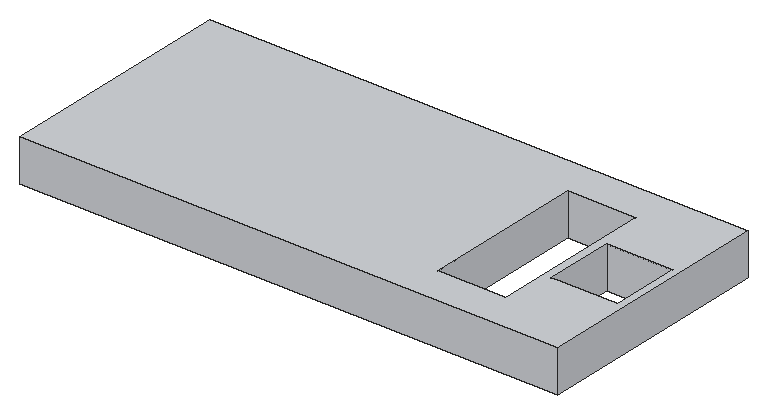
Revit family "G805-002 CAB36", category Mechanical Equipment, Revit 2012
Parameters (values of type "3 TON")
  URL = "http://desert-aire.com/"
  Type Comments = "NON PACKAGED"
  RC Return Radius = 0' - 0 1/4"
  RC Discharge Radius = 0' - 0 5/16"
  Outdoor Unit = yes
  Model = "G805-002"
  Manufacturer = "DESERT AIRE"
  Description = ""
  Curb Height = 0' - 8"
  Cost = 0
Types (3): name | RC Return Radius | RC Discharge Radius
  (no name) | 0' - 0 1/4" | 0' - 0 5/16"
  2 TON | 0' - 0 3/16" | 0' - 0 1/4"
  3 TON | 0' - 0 1/4" | 0' - 0 5/16"
Reference planes (in)
  plane 1: y = 0
  plane 2: z = 0
  plane 3: x = 0
  plane 4: z = 8
  plane 5: z = 55.14473
  plane 6: z = 27.82515
Forms (in)
  Extrusion 1, solid
    sketch origin (0, 0, 0) x (1, 0, 0) y (0, 1, 0)
      loop
        line (-47.56801, 22.81936) -> (-47.56801, -22.68064) -> (55.18199, -22.68064) -> (55.18199, 22.81936) -> (-47.56801, 22.81936)
      loop
        line (26.54795, -15.55301) -> (39.57937, -15.55301) -> (39.57937, 15.48635) -> (26.54795, 15.48635) -> (26.54795, -15.55301)
      loop
        line (53.87197, -6.68231) -> (53.87197, 6.61983) -> (41.14382, 6.61983) -> (41.14382, -6.68231) -> (53.87197, -6.68231)
    from 0 to 8
Dimensions and locks (in)
  "Curb Height": plane 4 to plane 2
  locked: plane 5 to plane 4 at 47.14473
  locked: plane 5 to plane 6 at 27.31958
  aligned and locked: plane 4 to Extrusion 1
  aligned and locked: import instance to plane 5
  aligned and locked: import instance to import instance
  aligned and locked: plane 6 to import instance
Automatic sketch dimensions
  plane 1 to Extrusion 1 sketch curve = 1' - 10.68064"
  Extrusion 1 sketch curve to plane 3 = 3' - 11.56801"
  plane 3 to Extrusion 1 sketch curve = 2' - 2.54795"
  Extrusion 1 sketch curve to Extrusion 1 sketch curve = 1' - 1.03142"
  Extrusion 1 sketch curve to Extrusion 1 sketch curve = 0' - 1.56444"
  Extrusion 1 sketch curve to Extrusion 1 sketch curve = 1' - 0.72815"
  Extrusion 1 sketch curve to Extrusion 1 sketch curve = 0' - 1.31002"
  plane 1 to Extrusion 1 sketch curve = 1' - 3.55301"
  Extrusion 1 sketch curve to Extrusion 1 sketch curve = 0' - 8.8707"
  Extrusion 1 sketch curve to plane 1 = 0' - 6.61983"
  Extrusion 1 sketch curve to plane 1 = 1' - 3.48635"
  Extrusion 1 sketch curve to plane 1 = 1' - 10.81936"
Connectors (in)
  electrical at (56.57437, -20.06049, 49.66242)
    settings: on import instance, index 1, voltage 0 V, apparent load 0 VA, apparent load phase1 0 VA, apparent load phase2 0 VA, apparent load phase3 0 VA, power factor 1, load classification "Other", number of poles 1, system type 31, power factor state 1, is connector primary yes, connector utility no, sub classification motor no, connector description "OPTIONAL DISCONNECT LOCATION"
  piping at (14.59039, -24.56, 10.30154)
    settings: on import instance, index 2, connector radius 1/2", flow factor 0, pipe flow 0 GPM, pressure drop 0.00 psi, fitting loss kfactor 0, connector angle 0.00°, fixture units 0, engagement length 0' - 0", flow configuration 0, flow direction 0, fitting loss method 0, system type 22, joint type 0, gender type 0, connector reference index -1, connector utility 0, adjustable connector no, is connector primary yes, fitting loss table "", connector description "LEFT SIDE CONDENSATE"
  piping at (14.59039, -24.56, 13.55154), driven by "RC Discharge Radius"
    settings: on import instance, index 3, connector radius 5/16", flow factor 0, pipe flow 0 GPM, pressure drop 0.00 psi, fitting loss kfactor 0, connector angle 0.00°, fixture units 0, engagement length 0' - 0", flow configuration 0, flow direction 0, fitting loss method 0, system type 7, joint type 0, gender type 0, connector reference index -1, connector utility 0, adjustable connector no, is connector primary no, fitting loss table "", connector description "LEFT SIDE RC DISCHARGE CONNECTION LOCATION"
  piping at (14.59039, -24.56, 15.80154), driven by "RC Return Radius"
    settings: on import instance, index 4, connector radius 1/4", flow factor 0, pipe flow 0 GPM, pressure drop 0.00 psi, fitting loss kfactor 0, connector angle 0.00°, fixture units 0, engagement length 0' - 0", flow configuration 0, flow direction 0, fitting loss method 0, system type 8, joint type 0, gender type 0, connector reference index -1, connector utility 0, adjustable connector no, is connector primary no, fitting loss table "", connector description "LEFT SIDE RC RETURN CONNECTION LOCATION"
  piping at (14.59039, -24.56, 21.80154)
    settings: on import instance, index 5, connector radius 7/16", flow factor 0, pipe flow 0 GPM, pressure drop 0.00 psi, fitting loss kfactor 0, connector angle 0.00°, fixture units 0, engagement length 0' - 0", flow configuration 0, flow direction 0, fitting loss method 0, system type 20, joint type 0, gender type 0, connector reference index -1, connector utility 0, adjustable connector no, is connector primary no, fitting loss table "", connector description "LEFT SIDE WATER INLET CONNECTION LOCATION"
  piping at (14.59039, -24.56, 24.55154)
    settings: on import instance, index 6, connector radius 7/16", flow factor 0, pipe flow 0 GPM, pressure drop 0.00 psi, fitting loss kfactor 0, connector angle 0.00°, fixture units 0, engagement length 0' - 0", flow configuration 0, flow direction 0, fitting loss method 0, system type 20, joint type 0, gender type 0, connector reference index -1, connector utility 0, adjustable connector no, is connector primary no, fitting loss table "", connector description "LEFT SIDE WATER OUTLET CONNECTION LOCATION"
  piping at (4.15454, 0.13787, 0)
    settings: on Extrusion 1, index 7, connector radius 1/2", flow factor 0, pipe flow 0 GPM, pressure drop 0.00 psi, fitting loss kfactor 0, connector angle 0.00°, fixture units 0, engagement length 0' - 0", flow configuration 0, flow direction 0, fitting loss method 0, system type 22, joint type 0, gender type 0, connector reference index -1, connector utility 0, adjustable connector no, is connector primary no, fitting loss table "", connector description "BOTTOM CONDENSATE"
  hvac at (56.57438, 0.06, 38.66833)
    settings: on import instance, index 8, duct flow 0 CFM, flow factor 0, pres drop 0.00 in-wg, loss coef 0, conn angle 0.00°, conn width 13 1/4", conn height 12 3/4", conn radius 12", duct sys type 1, conn prof type 1, flow config 0, flow direction 0, loss method 0, conn ref index -1, conn util no, is conn primary yes, conn desc "SUPPLY DISCHARGE"
  hvac at (56.57438, -0.09869, 16.56811)
    settings: on import instance, index 9, duct flow 0 CFM, flow factor 0, pres drop 0.00 in-wg, loss coef 0, conn angle 0.00°, conn width 30 1/2", conn height 10", conn radius 12", duct sys type 3, conn prof type 1, flow config 0, flow direction 0, loss method 0, conn ref index -1, conn util no, is conn primary no, conn desc "RETURN INTAKE"
  hvac at (-48.66563, 0.14495, 17.84821)
    settings: on import instance, index 10, duct flow 0 CFM, flow factor 0, pres drop 0.00 in-wg, loss coef 0, conn angle 0.00°, conn width 13 1/4", conn height 12 3/4", conn radius 12", duct sys type 3, conn prof type 1, flow config 0, flow direction 0, loss method 0, conn ref index -1, conn util no, is conn primary no, conn desc "EXHAUST DISCHARGE"
  hvac at (-48.66563, -0.15216, 45.12125)
    settings: on import instance, index 11, duct flow 0 CFM, flow factor 0, pres drop 0.00 in-wg, loss coef 0, conn angle 0.00°, conn width 35 7/8", conn height 17 7/8", conn radius 12", duct sys type 3, conn prof type 1, flow config 0, flow direction 0, loss method 0, conn ref index -1, conn util no, is conn primary no, conn desc "O/A INTAKE"
  hvac at (49.04374, 0, 55.14473)
    settings: on import instance, index 12, duct flow 0 CFM, flow factor 0, pres drop 0.00 in-wg, loss coef 0, conn angle 0.00°, conn width 12 3/4", conn height 13 1/4", conn radius 12", duct sys type 1, conn prof type 1, flow config 0, flow direction 0, loss method 0, conn ref index -1, conn util no, is conn primary no, conn desc "SUPPLY DISCHARGE"
  hvac at (33.12288, -0.07981, 9.71973)
    settings: on import instance, index 13, duct flow 0 CFM, flow factor 0, pres drop 0.00 in-wg, loss coef 0, conn angle 0.00°, conn width 31", conn height 13", conn radius 12", duct sys type 3, conn prof type 1, flow config 0, flow direction 0, loss method 0, conn ref index -1, conn util no, is conn primary no, conn desc "RETURN INTAKE"
  hvac at (47.48949, -0.06977, 9.71973)
    settings: on import instance, index 14, duct flow 0 CFM, flow factor 0, pres drop 0.00 in-wg, loss coef 0, conn angle 0.00°, conn width 13 1/4", conn height 12 3/4", conn radius 12", duct sys type 1, conn prof type 1, flow config 0, flow direction 0, loss method 0, conn ref index -1, conn util no, is conn primary no, conn desc "SUPPLY DISCHARGE"
  piping at (14.59705, 24.56, 10.32057)
    settings: on import instance, index 15, connector radius 1/2", flow factor 0, pipe flow 0 GPM, pressure drop 0.00 psi, fitting loss kfactor 0, connector angle 0.00°, fixture units 0, engagement length 0' - 0", flow configuration 0, flow direction 0, fitting loss method 0, system type 22, joint type 0, gender type 0, connector reference index -1, connector utility 0, adjustable connector no, is connector primary no, fitting loss table "", connector description "RIGHT SIDE CONDENSATE"
  piping at (14.59705, 24.56, 13.57057), driven by "RC Discharge Radius"
    settings: on import instance, index 16, connector radius 5/16", flow factor 0, pipe flow 0 GPM, pressure drop 0.00 psi, fitting loss kfactor 0, connector angle 0.00°, fixture units 0, engagement length 0' - 0", flow configuration 0, flow direction 0, fitting loss method 0, system type 7, joint type 0, gender type 0, connector reference index -1, connector utility 0, adjustable connector no, is connector primary no, fitting loss table "", connector description "RIGHT SIDE RC DISCHARGE CONNECTION LOCATION"
  piping at (14.59705, 24.56, 15.80839), driven by "RC Return Radius"
    settings: on import instance, index 17, connector radius 1/4", flow factor 0, pipe flow 0 GPM, pressure drop 0.00 psi, fitting loss kfactor 0, connector angle 0.00°, fixture units 0, engagement length 0' - 0", flow configuration 0, flow direction 0, fitting loss method 0, system type 8, joint type 0, gender type 0, connector reference index -1, connector utility 0, adjustable connector no, is connector primary no, fitting loss table "", connector description "RIGHT SIDE RC RETURN CONNECTION LOCATION"
  piping at (14.59705, 24.56, 21.80839)
    settings: on import instance, index 18, connector radius 7/16", flow factor 0, pipe flow 0 GPM, pressure drop 0.00 psi, fitting loss kfactor 0, connector angle 0.00°, fixture units 0, engagement length 0' - 0", flow configuration 0, flow direction 0, fitting loss method 0, system type 20, joint type 0, gender type 0, connector reference index -1, connector utility 0, adjustable connector no, is connector primary no, fitting loss table "", connector description "RIGHT SIDE WATER INLET CONNECTION LOCATION"
  piping at (14.59705, 24.56, 24.55839)
    settings: on import instance, index 19, connector radius 7/16", flow factor 0, pipe flow 0 GPM, pressure drop 0.00 psi, fitting loss kfactor 0, connector angle 0.00°, fixture units 0, engagement length 0' - 0", flow configuration 0, flow direction 0, fitting loss method 0, system type 20, joint type 0, gender type 0, connector reference index -1, connector utility 0, adjustable connector no, is connector primary no, fitting loss table "", connector description "RIGHT SIDE WATER OUTLET CONNECTION LOCATION"
